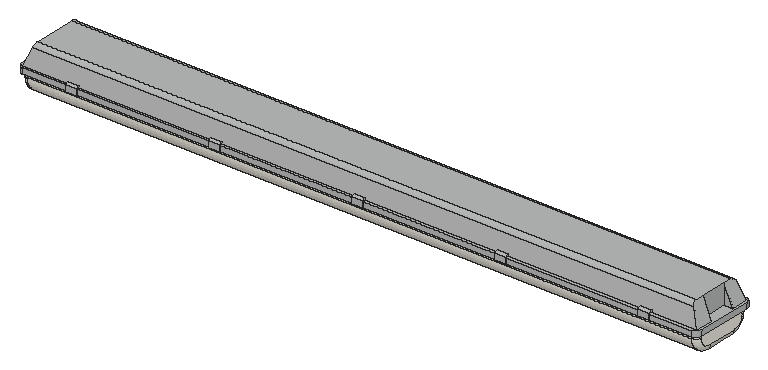
Revit family "SLIM", category Осветительные приборы, Revit 2019 (continued)
Types (5, lengths in mm): name | Файл фотометрической сетки | built-in parameter 1150142 | ADSK_Обозначение | ADSK_Наименование | ADSK_Код изделия
  CSVT SLIM-38/MILKY (IP65, 5000К ) c БАП на 1 час. | "CSVT Slim-38Milky.ies" | "IESNA:LM-63-95\r\n[TEST] Протокол № 50\r\n[DATA] 17.06.2016\r\n[MORE] \r\n[MANUFAC] ЗАО \"Центрстройсвет\"\r\n[LUMCAT]  Светильник OPERLUX-34/PRISMA-(588x588) \r\n[LUMINAIRE]\r\n[LAMPCAT] Светодиоды\r\n[LAMP] Поток источника света (светодиодов) не известен\r\n[MORE] КСС приведена в абсолютных величинах кд\r\n[MORE] Вместо потока лампы, указан поток светильника.\r\nTILT=NONE\r\n1    3050 1.0 37 73 1 2 0.588 0.588 0.08\r\n1.0 1.0 34\r\n0.0 5.0 10.0 15.0 20.0 25.0 30.0 35.0 40.0 45.0 50.0 55.0 60.0 65.0 70.0 75.0 80.0 85.0 90.0 95.0 100.0 105.0 110.0 115.0 120.0 125.0 130.0 135.0 140.0 145.0 150.0 155.0 160.0 165.0 170.0 175.0 180.0\r\n0.0 5.0 10.0 15.0 20.0 25.0 30.0 35.0 40.0 45.0 50.0 55.0 60.0 65.0 70.0 75.0 80.0 85.0 90.0 95.0 100.0 105.0 110.0 115.0 120.0 125.0 130.0 135.0 140.0 145.0 150.0 155.0 160.0 165.0 170.0 175.0 180.0 185.0 190.0 195.0 200.0 205.0 210.0 215.0 220.0 225.0 230.0 235.0 240.0 245.0 250.0 255.0 260.0 265.0 270.0 275.0 280.0 285.0 290.0 295.0 300.0 305.0 310.0 315.0 320.0 325.0 330.0 335.0 340.0 345.0 350.0 355.0 360.0\r\n1367.8 1364.1 1339.9 1310.7 1251.0 1171.4 1077.9 956.5 826.9 709.2 591.4 468.7 352.2 267.2 190.7 130.0 88.6 43.5 5.5 0.0 0.0 0.0 0.0 0.0 0.0 0.0 0.0 0.0 0.0 0.0 0.0 0.0 0.0 0.0 0.0 0.0 0.0\r\n1367.8 1365.7 1344.6 1309.2 1251.5 1175.2 1073.4 954.2 830.4 711.2 594.6 469.5 356.0 268.7 191.9 132.6 89.9 43.9 6.3 0.0 0.0 0.0 0.0 0.0 0.0 0.0 0.0 0.0 0.0 0.0 0.0 0.0 0.0 0.0 0.0 0.0 0.0\r\n1367.8 1367.4 1347.2 1302.8 1251.5 1178.6 1078.4 958.6 835.1 714.0 597.2 474.3 359.6 268.7 192.7 135.6 92.1 44.3 6.9 0.0 0.0 0.0 0.0 0.0 0.0 0.0 0.0 0.0 0.0 0.0 0.0 0.0 0.0 0.0 0.0 0.0 0.0\r\n1367.8 1368.2 1346.2 1303.1 1250.1 1177.1 1081.4 960.9 838.1 716.2 597.6 475.0 358.6 266.4 190.9 134.8 91.7 44.9 7.0 0.0 0.0 0.0 0.0 0.0 0.0 0.0 0.0 0.0 0.0 0.0 0.0 0.0 0.0 0.0 0.0 0.0 0.0\r\n1367.8 1367.7 1343.5 1306.2 1256.1 1180.0 1081.0 961.6 838.1 714.0 595.7 473.1 356.8 262.2 188.3 132.8 89.3 43.7 6.6 0.0 0.0 0.0 0.0 0.0 0.0 0.0 0.0 0.0 0.0 0.0 0.0 0.0 0.0 0.0 0.0 0.0 0.0\r\n1367.8 1366.2 1344.8 1309.0 1256.2 1184.6 1080.4 962.6 836.8 714.8 593.8 469.6 354.4 260.1 184.9 130.4 88.4 44.2 6.5 0.0 0.0 0.0 0.0 0.0 0.0 0.0 0.0 0.0 0.0 0.0 0.0 0.0 0.0 0.0 0.0 0.0 0.0\r\n1367.8 1364.3 1347.6 1312.1 1259.9 1177.4 1078.5 968.2 849.1 721.6 596.0 467.2 355.0 257.4 183.3 127.1 87.5 45.4 6.5 0.0 0.0 0.0 0.0 0.0 0.0 0.0 0.0 0.0 0.0 0.0 0.0 0.0 0.0 0.0 0.0 0.0 0.0\r\n1367.8 1363.3 1348.8 1312.0 1262.8 1181.2 1077.4 968.8 853.2 730.0 597.2 466.8 353.5 256.9 181.1 124.8 87.2 45.9 6.9 0.0 0.0 0.0 0.0 0.0 0.0 0.0 0.0 0.0 0.0 0.0 0.0 0.0 0.0 0.0 0.0 0.0 0.0\r\n1367.8 1364.0 1350.3 1308.2 1255.9 1182.2 1079.9 969.0 856.0 734.3 601.1 468.4 352.6 254.4 178.0 121.7 85.5 45.0 6.9 0.0 0.0 0.0 0.0 0.0 0.0 0.0 0.0 0.0 0.0 0.0 0.0 0.0 0.0 0.0 0.0 0.0 0.0\r\n1367.8 1364.9 1349.2 1313.0 1259.2 1178.2 1076.4 970.7 860.9 740.8 606.9 469.1 350.2 254.0 175.6 117.8 83.6 43.4 6.7 0.0 0.0 0.0 0.0 0.0 0.0 0.0 0.0 0.0 0.0 0.0 0.0 0.0 0.0 0.0 0.0 0.0 0.0\r\n1367.8 1365.0 1348.6 1315.3 1261.5 1184.1 1082.6 973.9 862.8 745.2 607.9 469.0 350.5 253.1 173.2 116.2 81.4 42.4 6.5 0.0 0.0 0.0 0.0 0.0 0.0 0.0 0.0 0.0 0.0 0.0 0.0 0.0 0.0 0.0 0.0 0.0 0.0\r\n1367.8 1364.4 1347.9 1315.3 1258.7 1186.3 1085.9 970.5 862.2 747.0 613.0 468.8 350.2 252.8 173.4 116.6 79.8 40.9 6.7 0.0 0.0 0.0 0.0 0.0 0.0 0.0 0.0 0.0 0.0 0.0 0.0 0.0 0.0 0.0 0.0 0.0 0.0\r\n1367.8 1363.4 1347.0 1308.3 1258.6 1184.3 1089.8 973.9 867.7 742.3 606.2 467.0 350.0 252.6 175.4 119.1 79.8 42.1 7.1 0.0 0.0 0.0 0.0 0.0 0.0 0.0 0.0 0.0 0.0 0.0 0.0 0.0 0.0 0.0 0.0 0.0 0.0\r\n1367.8 1362.6 1348.4 1308.2 1261.4 1190.2 1088.3 978.6 869.6 744.0 601.1 462.4 350.2 253.6 175.9 123.0 83.5 45.3 7.8 0.0 0.0 0.0 0.0 0.0 0.0 0.0 0.0 0.0 0.0 0.0 0.0 0.0 0.0 0.0 0.0 0.0 0.0\r\n1367.8 1362.3 1347.3 1311.1 1262.3 1191.1 1093.6 982.5 872.1 746.6 597.2 461.1 348.8 251.4 176.3 127.6 89.2 48.5 7.9 0.0 0.0 0.0 0.0 0.0 0.0 0.0 0.0 0.0 0.0 0.0 0.0 0.0 0.0 0.0 0.0 0.0 0.0\r\n1367.8 1362.5 1345.8 1316.1 1260.6 1190.3 1096.8 982.6 873.3 743.8 593.1 456.4 347.2 250.6 175.7 130.9 94.2 51.8 9.3 0.0 0.0 0.0 0.0 0.0 0.0 0.0 0.0 0.0 0.0 0.0 0.0 0.0 0.0 0.0 0.0 0.0 0.0\r\n1367.8 1363.2 1345.2 1315.5 1267.1 1195.5 1096.1 995.9 871.3 740.3 589.0 455.0 342.8 246.9 174.2 131.9 97.1 52.4 10.1 0.0 0.0 0.0 0.0 0.0 0.0 0.0 0.0 0.0 0.0 0.0 0.0 0.0 0.0 0.0 0.0 0.0 0.0\r\n1367.8 1364.5 1346.0 1317.2 1264.0 1194.7 1102.6 991.8 873.9 736.2 584.7 454.3 338.6 243.0 171.3 130.1 99.3 53.7 9.5 0.0 0.0 0.0 0.0 0.0 0.0 0.0 0.0 0.0 0.0 0.0 0.0 0.0 0.0 0.0 0.0 0.0 0.0\r\n1367.8 1365.9 1346.4 1317.1 1264.0 1198.2 1105.3 994.6 872.6 727.7 582.0 451.8 335.8 239.9 168.3 127.6 100.0 55.8 7.5 0.0 0.0 0.0 0.0 0.0 0.0 0.0 0.0 0.0 0.0 0.0 0.0 0.0 0.0 0.0 0.0 0.0 0.0\r\n1367.8 1366.3 1344.9 1317.5 1265.6 1200.4 1108.2 997.2 868.8 722.7 575.8 446.5 333.1 238.4 167.7 126.3 98.1 56.1 8.8 0.0 0.0 0.0 0.0 0.0 0.0 0.0 0.0 0.0 0.0 0.0 0.0 0.0 0.0 0.0 0.0 0.0 0.0\r\n1367.8 1365.9 1344.0 1313.0 1263.2 1200.6 1104.3 997.0 862.7 720.9 568.5 441.0 331.7 237.8 167.7 126.3 96.7 53.7 9.4 0.0 0.0 0.0 0.0 0.0 0.0 0.0 0.0 0.0 0.0 0.0 0.0 0.0 0.0 0.0 0.0 0.0 0.0\r\n1367.8 1365.3 1346.1 1312.6 1263.0 1198.3 1108.1 995.3 861.6 712.7 563.4 437.4 331.4 236.8 165.9 124.7 95.3 55.2 9.1 0.0 0.0 0.0 0.0 0.0 0.0 0.0 0.0 0.0 0.0 0.0 0.0 0.0 0.0 0.0 0.0 0.0 0.0\r\n1367.8 1364.9 1349.2 1313.0 1262.9 1199.0 1108.3 993.8 855.7 710.3 563.1 435.2 329.9 233.9 163.4 121.6 92.0 55.1 8.8 0.0 0.0 0.0 0.0 0.0 0.0 0.0 0.0 0.0 0.0 0.0 0.0 0.0 0.0 0.0 0.0 0.0 0.0\r\n1367.8 1364.1 1352.0 1313.2 1259.2 1197.0 1104.6 988.6 849.9 704.2 562.4 433.5 327.9 230.5 158.4 116.9 87.6 51.4 7.8 0.0 0.0 0.0 0.0 0.0 0.0 0.0 0.0 0.0 0.0 0.0 0.0 0.0 0.0 0.0 0.0 0.0 0.0\r\n1367.8 1363.0 1349.6 1313.3 1257.8 1193.2 1098.7 980.1 848.0 708.1 565.6 433.4 325.1 228.0 154.2 111.3 83.7 49.7 7.5 0.0 0.0 0.0 0.0 0.0 0.0 0.0 0.0 0.0 0.0 0.0 0.0 0.0 0.0 0.0 0.0 0.0 0.0\r\n1367.8 1361.9 1346.7 1314.1 1256.8 1193.2 1093.6 977.6 847.2 708.6 569.1 434.8 324.5 225.9 151.7 107.5 81.6 48.9 7.3 0.0 0.0 0.0 0.0 0.0 0.0 0.0 0.0 0.0 0.0 0.0 0.0 0.0 0.0 0.0 0.0 0.0 0.0\r\n1367.8 1361.2 1345.0 1309.5 1261.1 1193.3 1089.9 973.2 851.1 709.3 572.7 435.0 323.4 225.4 152.1 105.8 80.4 49.9 7.3 0.0 0.0 0.0 0.0 0.0 0.0 0.0 0.0 0.0 0.0 0.0 0.0 0.0 0.0 0.0 0.0 0.0 0.0\r\n1367.8 1360.5 1345.3 1307.2 1258.6 1186.4 1085.9 974.0 847.9 714.1 575.5 436.8 321.2 223.3 152.0 105.2 79.8 49.6 8.0 0.0 0.0 0.0 0.0 0.0 0.0 0.0 0.0 0.0 0.0 0.0 0.0 0.0 0.0 0.0 0.0 0.0 0.0\r\n1367.8 1360.0 1344.3 1308.1 1257.8 1178.2 1085.3 975.1 848.7 715.2 575.4 439.1 318.7 223.0 150.8 104.3 79.3 49.5 8.2 0.0 0.0 0.0 0.0 0.0 0.0 0.0 0.0 0.0 0.0 0.0 0.0 0.0 0.0 0.0 0.0 0.0 0.0\r\n1367.8 1360.5 1346.2 1311.6 1256.3 1174.7 1082.9 978.6 851.4 710.5 574.9 440.6 317.9 221.6 152.3 106.4 79.3 48.7 8.4 0.0 0.0 0.0 0.0 0.0 0.0 0.0 0.0 0.0 0.0 0.0 0.0 0.0 0.0 0.0 0.0 0.0 0.0\r\n1367.8 1361.9 1350.3 1309.3 1252.2 1172.6 1080.3 970.8 851.2 713.3 570.6 439.7 319.0 222.4 154.5 110.7 81.7 47.4 8.1 0.0 0.0 0.0 0.0 0.0 0.0 0.0 0.0 0.0 0.0 0.0 0.0 0.0 0.0 0.0 0.0 0.0 0.0\r\n1367.8 1363.7 1348.0 1307.6 1253.5 1171.4 1087.1 971.6 851.9 710.7 569.9 438.2 323.8 226.5 159.3 115.4 83.3 45.0 7.6 0.0 0.0 0.0 0.0 0.0 0.0 0.0 0.0 0.0 0.0 0.0 0.0 0.0 0.0 0.0 0.0 0.0 0.0\r\n1367.8 1365.3 1346.4 1312.3 1251.8 1172.7 1086.5 974.6 847.7 705.0 567.7 442.4 326.6 234.0 164.3 120.1 85.8 43.9 7.4 0.0 0.0 0.0 0.0 0.0 0.0 0.0 0.0 0.0 0.0 0.0 0.0 0.0 0.0 0.0 0.0 0.0 0.0\r\n1367.8 1366.2 1347.0 1309.1 1250.4 1170.7 1085.2 978.5 846.6 705.8 567.4 441.3 331.1 236.3 167.7 122.8 88.4 45.0 8.1 0.0 0.0 0.0 0.0 0.0 0.0 0.0 0.0 0.0 0.0 0.0 0.0 0.0 0.0 0.0 0.0 0.0 0.0\r\n1367.8 1366.0 1347.9 1306.2 1240.5 1166.7 1082.2 977.2 844.2 702.8 566.8 442.7 335.1 241.3 169.7 123.7 90.0 45.9 9.2 0.0 0.0 0.0 0.0 0.0 0.0 0.0 0.0 0.0 0.0 0.0 0.0 0.0 0.0 0.0 0.0 0.0 0.0\r\n1367.8 1364.3 1346.5 1311.7 1250.6 1170.3 1080.9 980.5 844.4 703.8 569.8 446.4 334.2 240.3 169.5 121.7 87.9 46.9 9.3 0.0 0.0 0.0 0.0 0.0 0.0 0.0 0.0 0.0 0.0 0.0 0.0 0.0 0.0 0.0 0.0 0.0 0.0\r\n1367.8 1361.6 1341.0 1307.3 1249.6 1169.2 1088.8 980.5 845.1 706.2 571.7 444.8 333.0 238.4 168.9 120.7 87.1 47.8 7.8 0.0 0.0 0.0 0.0 0.0 0.0 0.0 0.0 0.0 0.0 0.0 0.0 0.0 0.0 0.0 0.0 0.0 0.0\r\n1367.8 1359.4 1337.2 1303.3 1252.4 1170.4 1080.4 978.1 841.4 701.4 566.4 444.4 333.5 241.2 169.4 122.2 88.2 47.2 9.5 0.0 0.0 0.0 0.0 0.0 0.0 0.0 0.0 0.0 0.0 0.0 0.0 0.0 0.0 0.0 0.0 0.0 0.0\r\n1367.8 1359.3 1342.6 1310.3 1242.7 1173.0 1078.8 976.3 844.8 702.0 565.3 440.7 332.8 240.9 169.9 123.5 89.5 46.1 9.1 0.0 0.0 0.0 0.0 0.0 0.0 0.0 0.0 0.0 0.0 0.0 0.0 0.0 0.0 0.0 0.0 0.0 0.0\r\n1367.8 1361.3 1345.4 1306.4 1248.2 1167.7 1080.4 980.5 846.8 703.5 567.2 443.4 333.2 240.2 168.7 123.1 88.4 46.2 8.4 0.0 0.0 0.0 0.0 0.0 0.0 0.0 0.0 0.0 0.0 0.0 0.0 0.0 0.0 0.0 0.0 0.0 0.0\r\n1367.8 1364.4 1343.1 1308.2 1251.3 1170.9 1084.2 980.8 848.5 707.7 571.1 445.6 332.7 238.1 167.5 120.7 85.6 44.6 7.7 0.0 0.0 0.0 0.0 0.0 0.0 0.0 0.0 0.0 0.0 0.0 0.0 0.0 0.0 0.0 0.0 0.0 0.0\r\n1367.8 1366.7 1342.9 1310.2 1254.3 1176.8 1087.8 981.7 853.4 711.9 574.2 446.0 329.4 232.8 162.6 116.6 83.7 45.3 8.1 0.0 0.0 0.0 0.0 0.0 0.0 0.0 0.0 0.0 0.0 0.0 0.0 0.0 0.0 0.0 0.0 0.0 0.0\r\n1367.8 1367.7 1346.5 1310.6 1258.1 1183.1 1085.5 978.6 854.1 714.2 577.9 448.7 327.1 229.4 158.3 112.1 82.0 47.9 9.0 0.0 0.0 0.0 0.0 0.0 0.0 0.0 0.0 0.0 0.0 0.0 0.0 0.0 0.0 0.0 0.0 0.0 0.0\r\n1367.8 1367.3 1348.0 1310.6 1262.6 1180.1 1086.5 982.6 856.7 719.8 579.9 448.7 324.7 226.8 155.7 107.8 80.3 50.1 9.5 0.0 0.0 0.0 0.0 0.0 0.0 0.0 0.0 0.0 0.0 0.0 0.0 0.0 0.0 0.0 0.0 0.0 0.0\r\n1367.8 1365.6 1348.6 1309.9 1259.0 1186.0 1089.0 979.4 855.0 722.2 584.2 450.5 325.6 227.6 155.8 107.2 80.5 51.4 9.6 0.0 0.0 0.0 0.0 0.0 0.0 0.0 0.0 0.0 0.0 0.0 0.0 0.0 0.0 0.0 0.0 0.0 0.0\r\n1367.8 1363.3 1347.7 1306.8 1261.1 1190.7 1095.5 982.3 860.8 723.2 585.7 446.3 327.8 230.3 158.2 109.3 81.7 51.4 9.3 0.0 0.0 0.0 0.0 0.0 0.0 0.0 0.0 0.0 0.0 0.0 0.0 0.0 0.0 0.0 0.0 0.0 0.0\r\n1367.8 1361.0 1344.4 1306.7 1264.4 1191.7 1095.0 984.8 858.7 723.1 583.6 444.8 328.4 232.3 158.6 109.9 81.8 51.7 9.0 0.0 0.0 0.0 0.0 0.0 0.0 0.0 0.0 0.0 0.0 0.0 0.0 0.0 0.0 0.0 0.0 0.0 0.0\r\n1367.8 1359.1 1344.3 1308.4 1263.8 1198.1 1102.2 989.8 861.5 721.8 582.8 444.8 331.3 233.7 158.6 111.1 83.0 50.9 8.9 0.0 0.0 0.0 0.0 0.0 0.0 0.0 0.0 0.0 0.0 0.0 0.0 0.0 0.0 0.0 0.0 0.0 0.0\r\n1367.8 1357.8 1346.5 1313.8 1263.6 1192.7 1107.0 996.3 859.5 718.8 579.1 442.9 332.1 234.9 160.7 114.1 84.6 51.0 9.2 0.0 0.0 0.0 0.0 0.0 0.0 0.0 0.0 0.0 0.0 0.0 0.0 0.0 0.0 0.0 0.0 0.0 0.0\r\n1367.8 1357.7 1347.3 1313.2 1264.3 1198.9 1108.1 998.6 864.9 718.7 573.2 441.1 332.1 237.8 164.0 118.2 87.5 52.0 9.8 0.0 0.0 0.0 0.0 0.0 0.0 0.0 0.0 0.0 0.0 0.0 0.0 0.0 0.0 0.0 0.0 0.0 0.0\r\n1367.8 1358.5 1346.9 1313.1 1266.5 1195.6 1112.2 1002.8 870.4 722.5 574.7 443.8 335.7 239.1 166.4 121.6 91.2 55.8 10.9 0.0 0.0 0.0 0.0 0.0 0.0 0.0 0.0 0.0 0.0 0.0 0.0 0.0 0.0 0.0 0.0 0.0 0.0\r\n1367.8 1359.8 1344.7 1312.9 1269.5 1203.1 1107.5 1002.6 874.5 724.4 574.3 444.8 335.5 240.3 169.6 124.4 94.2 56.9 11.6 0.0 0.0 0.0 0.0 0.0 0.0 0.0 0.0 0.0 0.0 0.0 0.0 0.0 0.0 0.0 0.0 0.0 0.0\r\n1367.8 1361.7 1344.5 1316.7 1266.1 1199.3 1111.1 1004.7 879.7 733.6 577.6 446.7 337.8 241.2 168.7 126.0 96.3 56.5 11.7 0.0 0.0 0.0 0.0 0.0 0.0 0.0 0.0 0.0 0.0 0.0 0.0 0.0 0.0 0.0 0.0 0.0 0.0\r\n1367.8 1363.9 1346.7 1316.2 1265.7 1198.1 1117.1 1006.7 882.1 737.2 586.5 450.4 338.9 242.3 167.8 125.5 98.6 58.1 10.5 0.0 0.0 0.0 0.0 0.0 0.0 0.0 0.0 0.0 0.0 0.0 0.0 0.0 0.0 0.0 0.0 0.0 0.0\r\n1367.8 1365.2 1345.4 1319.5 1265.7 1198.8 1109.1 1003.5 876.9 742.6 589.1 456.4 341.1 242.1 167.5 126.8 100.2 57.9 8.8 0.0 0.0 0.0 0.0 0.0 0.0 0.0 0.0 0.0 0.0 0.0 0.0 0.0 0.0 0.0 0.0 0.0 0.0\r\n1367.8 1365.0 1345.2 1312.9 1265.8 1199.0 1109.7 999.6 877.6 742.6 595.8 457.7 342.1 245.3 170.4 128.5 99.0 56.9 11.0 0.0 0.0 0.0 0.0 0.0 0.0 0.0 0.0 0.0 0.0 0.0 0.0 0.0 0.0 0.0 0.0 0.0 0.0\r\n1367.8 1364.1 1347.9 1311.6 1271.1 1195.3 1102.7 998.9 881.1 745.5 597.2 460.9 345.1 248.6 174.0 129.7 96.5 55.6 11.2 0.0 0.0 0.0 0.0 0.0 0.0 0.0 0.0 0.0 0.0 0.0 0.0 0.0 0.0 0.0 0.0 0.0 0.0\r\n1367.8 1363.0 1347.3 1314.0 1269.6 1192.3 1104.9 991.5 878.3 748.8 603.5 463.3 348.1 251.3 177.2 130.4 94.2 55.0 10.3 0.0 0.0 0.0 0.0 0.0 0.0 0.0 0.0 0.0 0.0 0.0 0.0 0.0 0.0 0.0 0.0 0.0 0.0\r\n1367.8 1362.4 1346.2 1314.7 1264.3 1194.7 1094.8 992.0 878.4 749.1 608.2 465.6 349.4 252.9 177.2 127.6 90.1 51.7 8.7 0.0 0.0 0.0 0.0 0.0 0.0 0.0 0.0 0.0 0.0 0.0 0.0 0.0 0.0 0.0 0.0 0.0 0.0\r\n1367.8 1362.7 1348.0 1314.5 1265.5 1196.6 1094.9 983.4 872.0 752.6 609.3 469.0 352.6 254.1 177.1 125.0 85.8 47.2 8.1 0.0 0.0 0.0 0.0 0.0 0.0 0.0 0.0 0.0 0.0 0.0 0.0 0.0 0.0 0.0 0.0 0.0 0.0\r\n1367.8 1362.9 1347.6 1317.1 1264.6 1191.1 1090.4 981.6 868.8 748.7 612.1 472.2 352.0 253.6 176.2 121.4 83.1 43.4 6.9 0.0 0.0 0.0 0.0 0.0 0.0 0.0 0.0 0.0 0.0 0.0 0.0 0.0 0.0 0.0 0.0 0.0 0.0\r\n1367.8 1362.5 1343.6 1318.7 1268.8 1192.3 1085.5 974.5 866.1 750.5 612.3 472.0 350.7 253.1 174.7 119.5 83.2 43.3 6.3 0.0 0.0 0.0 0.0 0.0 0.0 0.0 0.0 0.0 0.0 0.0 0.0 0.0 0.0 0.0 0.0 0.0 0.0\r\n1367.8 1362.1 1341.3 1317.3 1267.8 1185.0 1082.2 972.1 864.2 747.6 611.4 473.0 350.1 254.2 174.7 118.9 84.4 45.4 6.1 0.0 0.0 0.0 0.0 0.0 0.0 0.0 0.0 0.0 0.0 0.0 0.0 0.0 0.0 0.0 0.0 0.0 0.0\r\n1367.8 1362.2 1343.6 1308.9 1260.0 1189.4 1084.9 971.7 859.6 740.4 606.9 470.8 351.4 253.9 176.6 120.3 86.5 45.9 6.5 0.0 0.0 0.0 0.0 0.0 0.0 0.0 0.0 0.0 0.0 0.0 0.0 0.0 0.0 0.0 0.0 0.0 0.0\r\n1367.8 1363.0 1342.9 1314.5 1263.9 1184.9 1081.6 971.9 853.4 735.2 605.3 467.7 352.3 254.8 180.1 122.7 87.8 46.6 6.8 0.0 0.0 0.0 0.0 0.0 0.0 0.0 0.0 0.0 0.0 0.0 0.0 0.0 0.0 0.0 0.0 0.0 0.0\r\n1367.8 1364.3 1340.2 1313.1 1261.0 1182.5 1084.4 971.4 852.3 730.7 600.0 466.2 354.3 255.8 181.2 124.6 88.4 46.8 6.6 0.0 0.0 0.0 0.0 0.0 0.0 0.0 0.0 0.0 0.0 0.0 0.0 0.0 0.0 0.0 0.0 0.0 0.0\r\n1367.8 1365.9 1343.5 1308.2 1258.3 1181.3 1083.1 966.4 845.6 721.0 594.9 467.0 352.2 259.1 183.4 126.7 88.1 45.4 6.1 0.0 0.0 0.0 0.0 0.0 0.0 0.0 0.0 0.0 0.0 0.0 0.0 0.0 0.0 0.0 0.0 0.0 0.0\r\n1367.8 1366.3 1345.1 1308.7 1254.7 1177.8 1080.9 969.9 838.6 714.9 593.4 465.7 351.7 258.6 185.5 129.6 88.1 44.0 5.9 0.0 0.0 0.0 0.0 0.0 0.0 0.0 0.0 0.0 0.0 0.0 0.0 0.0 0.0 0.0 0.0 0.0 0.0\r\n1367.8 1364.5 1343.2 1306.3 1248.4 1177.3 1082.4 962.7 833.3 713.0 595.0 468.9 352.8 260.9 187.3 132.3 88.7 43.5 6.0 0.0 0.0 0.0 0.0 0.0 0.0 0.0 0.0 0.0 0.0 0.0 0.0 0.0 0.0 0.0 0.0 0.0 0.0\r\n1367.8 1362.4 1346.0 1305.7 1255.8 1170.9 1078.4 956.8 832.7 709.6 592.6 470.6 355.6 263.8 189.2 133.7 90.3 44.0 6.3 0.0 0.0 0.0 0.0 0.0 0.0 0.0 0.0 0.0 0.0 0.0 0.0 0.0 0.0 0.0 0.0 0.0 0.0\r\n1367.8 1362.0 1346.8 1311.0 1252.6 1177.3 1074.5 958.3 825.6 709.7 591.0 467.7 356.3 264.6 188.4 133.0 90.3 43.3 6.2 0.0 0.0 0.0 0.0 0.0 0.0 0.0 0.0 0.0 0.0 0.0 0.0 0.0 0.0 0.0 0.0 0.0 0.0\r\n1367.8 1363.0 1341.5 1311.3 1242.3 1175.5 1082.4 953.9 818.8 707.4 591.0 466.6 352.5 265.4 188.6 130.9 89.0 43.1 6.3 0.0 0.0 0.0 0.0 0.0 0.0 0.0 0.0 0.0 0.0 0.0 0.0 0.0 0.0 0.0 0.0 0.0 0.0\r\n1367.8 1364.1 1339.9 1310.7 1251.0 1171.4 1077.9 956.5 826.9 709.2 591.4 468.7 352.2 267.2 190.7 130.0 88.6 43.5 5.5 0.0 0.0 0.0 0.0 0.0 0.0 0.0 0.0 0.0 0.0 0.0 0.0 0.0 0.0 0.0 0.0 0.0 0.0\r\n" | "CSVT SLIM-38/MILKY  (IP65, 5000К )" | "Светодиодный пылевлагозащищенный светильник CSVT SLIM-38/MILKY (IP65, 5000К ) c БАП на 1 час." | "ЦБ000009203"
